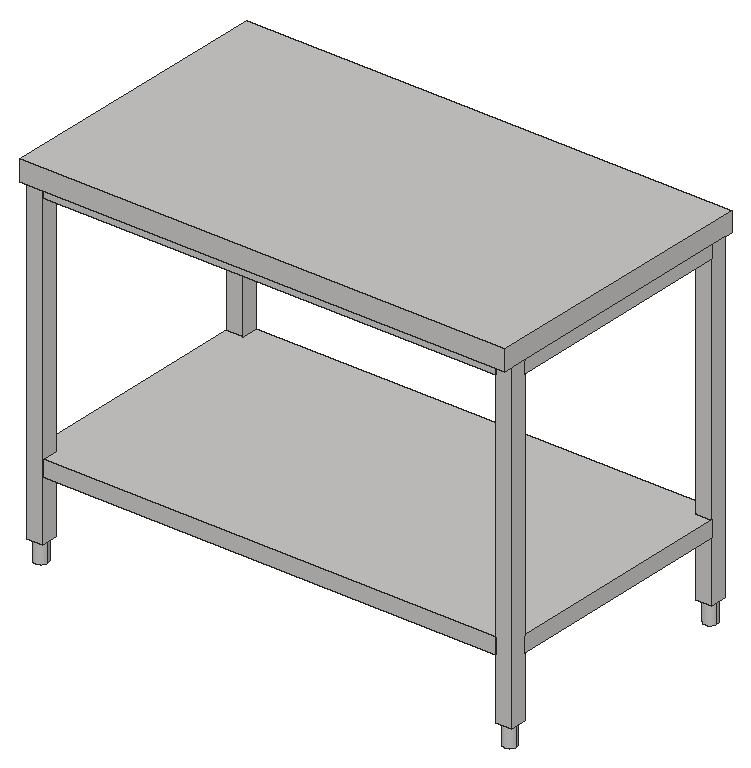
Revit family "QF_ELECTROLUXPROFESSIONAL_134084_LSGTG1200E", category Attrezzature speciali, Revit 2020
Family settings
  Quota connettore circolare = Usa diametro
  Tipo di parte = Normale
  Basato su piano di lavoro = No
  Sempre verticale = Sì
  Taglio con vuoti quando caricato = No
  Condiviso = No
  Punto di calcolo locali = No
Parameters (values of type "Standard")
  Weight = 41.00 kg
  Watts = 0 W
  Volts = 0 V
  URL Manufacturer = "https://www.electroluxprofessional.com/"
  URL = "https://www.electroluxprofessional.com/"
  Steam Supply Size = 0 mm
  Steam Supply Minimum Pressure = 0.0 Pa
  Steam Supply Maximum Pressure = 0.0 Pa
  Steam Consumption per Hour = 0
  Refrigeration Suction Line Size = 0.0 mm
  Refrigeration Liquid Line Size = 0.0 mm
  Refrigerant Compressor Remote = yes
  Prospetto di default = 0.0 mm
  Produttore = "Electrolux Professional"
  Phase = 0
  Modello = "LSGTG1200E"
  Length Actual = 1200.0 mm  # constant formula
  Item Number = "134084"
  Hot Water Size = 0 mm
  Height Actual = 900.0 mm  # constant formula
  HP = "0 HP"
  Gas Size = 0 mm
  Gas KW = 0
  Gas Input Pressure = 0 W
  Direct Waste Size = 0 mm
  Descrizione = "WORK TABLE 1200 MM WITH LOWER SHELF"
  Depth Actual = 700.0 mm  # constant formula
  Cycle = 0 Hz
  Condensate Return Size = 0 mm
  Compressed Air Volume = 0.0 L/s
  Compressed Air Size = 0 mm
  Compressed Air Pressure = 0.0 Pa
  Cold Water Size = 0 mm
  Accessory = yes
Reference planes
  plane 1 "Center (Front/Back)": y = 0
  plane 2: z = 0
  plane 3 "Center (Left/Right)": x = -100
  plane 4 "LEFT": x = -700
  plane 5 "RIGHT": x = 500
  plane 6 "BACK": y = 350
  plane 7 "FRONT": y = -350
  plane 8 "Base": z = 850
  plane 9 "TOP": z = 900
  plane 10: x = -680
  plane 11: x = 480
  plane 12: y = 310
  plane 13: y = -310
  plane 14 "TRAVERSI": z = 820
  plane 15: x = -660
  plane 16: x = 460
  plane 17: y = 290
  plane 18: y = -290
  plane 19: y = 330
  plane 20: y = -330
  plane 21 "Plane": z = 200
Forms (mm)
  Extrusion 1, solid, material "QF_Finishes_Stainless Steel"
    sketch origin (-100, 0, 0) x (0, 1, 0) y (0, 0, 1)
      loop
        line (-350, 850) -> (350, 850) -> (350, 900) -> (-350, 900) -> (-350, 850)
    from 600 to -600
  Extrusion 2, solid, material "QF_Finishes_Stainless Steel"
    sketch origin (0, 0, 820) x (0, 1, 0) y (-1, 0, 0)
      loop
        line (290, -460) -> (-290, -460) -> (-290, -500) -> (290, -500) -> (290, -460)
      loop
        line (290, 700) -> (-290, 700) -> (-290, 660) -> (290, 660) -> (290, 700)
    from 0 to 30
  Extrusion 3, solid, material "QF_Finishes_Stainless Steel"
    sketch origin (0, 0, 820) x (0, 1, 0) y (-1, 0, 0)
      loop
        line (330, -460) -> (330, 660) -> (290, 660) -> (290, -460) -> (330, -460)
      loop
        line (-290, 660) -> (-330, 660) -> (-330, -460) -> (-290, -460) -> (-290, 660)
    from 0 to 30
  Extrusion 4, solid, material "QF_Finishes_Stainless Steel"
    sketch origin (0, 0, 200) x (0, 1, 0) y (-1, 0, 0)
      loop
        line (290, 700) -> (-290, 700) -> (-290, 660) -> (-330, 660) -> (-330, -460) -> (-290, -460) -> (-290, -500) -> (290, -500) -> (290, -460) -> (330, -460) -> (330, 660) -> (290, 660) -> (290, 700)
    from 0 to 40
Lines and regions (mm)
  symbolic lines
    curve 1: line (500, 350, 900) -> (-700, 350, 900)
    curve 2: line (-700, 350, 900) -> (-700, -350, 900)
    curve 3: line (-700, -350, 900) -> (500, -350, 900)
    curve 4: line (500, -350, 900) -> (500, 350, 900)
Dimensions and locks
  plane 4 "LEFT" to plane 5 "RIGHT" = 1200.0 mm
  equal spacing: plane 4 "LEFT", plane 3 "Center (Left/Right)", plane 5 "RIGHT"
  locked: plane 8 "Base" to level at 850
  plane 4 "LEFT" to plane 10 = 20.0 mm
  plane 11 to plane 5 "RIGHT" = 20.0 mm
  plane 10 to plane 11 = 1160.0 mm
  locked: plane 9 "TOP" to level at 900
  plane 6 "BACK" to plane 12 = 40.0 mm
  plane 13 to plane 7 "FRONT" = 40.0 mm
  plane 6 "BACK" to plane 7 "FRONT" = 700.0 mm
  plane 12 to plane 13 = 620.0 mm
  equal spacing: plane 6 "BACK", plane 1 "Center (Front/Back)", plane 7 "FRONT"
  plane 8 "Base" to plane 14 "TRAVERSI" = 30.0 mm
  locked: plane 10 to plane 15 at 20
  locked: plane 16 to plane 11 at 20
  locked: plane 19 to plane 12 at 20
  locked: plane 12 to plane 17 at 20
  locked: plane 18 to plane 13 at 20
  locked: plane 13 to plane 20 at 20
  plane 21 "Plane" to level = 200.0 mm
  aligned and locked: level to plane 2
  aligned and locked: plane 10 to nested 1
  aligned and locked: nested 1 to plane 13
  aligned and locked: plane 11 to nested 2
  aligned and locked: nested 2 to plane 13
  aligned and locked: plane 11 to nested 4
  aligned and locked: nested 4 to plane 12
  aligned and locked: plane 10 to nested 3
  aligned and locked: nested 3 to plane 12
  aligned and locked: Extrusion 1 to plane 4 "LEFT"
  aligned and locked: plane 5 "RIGHT" to Extrusion 1
  aligned and locked: curve 2 to plane 4 "LEFT"
  aligned and locked: Extrusion 2 sketch curve to plane 5 "RIGHT"
  aligned and locked: Extrusion 2 sketch curve to plane 17  (x2)
  aligned and locked: plane 16 to Extrusion 2 sketch curve
  aligned and locked: plane 18 to Extrusion 2 sketch curve  (x2)
  aligned and locked: plane 4 "LEFT" to Extrusion 2 sketch curve
  aligned and locked: Extrusion 2 sketch curve to plane 15
  aligned and locked: plane 19 to Extrusion 3 sketch curve
  aligned and locked: Extrusion 3 sketch curve to plane 17
  aligned and locked: Extrusion 3 sketch curve to plane 18
  aligned and locked: plane 20 to Extrusion 3 sketch curve
  aligned and locked: Extrusion 3 sketch curve to plane 15
  aligned and locked: plane 15 to Extrusion 3 sketch curve
  aligned and locked: plane 16 to Extrusion 3 sketch curve
  aligned and locked: Extrusion 3 sketch curve to plane 16
  aligned and locked: Extrusion 4 sketch curve to plane 19
  aligned and locked: Extrusion 4 sketch curve to plane 5 "RIGHT"
  aligned and locked: Extrusion 4 sketch curve to plane 20
  aligned and locked: plane 4 "LEFT" to Extrusion 4 sketch curve
  aligned and locked: Extrusion 4 sketch curve to plane 17  (x2)
  aligned and locked: plane 15 to Extrusion 4 sketch curve
  aligned and locked: Extrusion 4 sketch curve to plane 16
  aligned and locked: Extrusion 4 sketch curve to plane 18  (x2)
  aligned and locked: plane 16 to Extrusion 4 sketch curve
  aligned and locked: Extrusion 4 sketch curve to plane 15
Automatic sketch dimensions
  Extrusion 1 sketch curve to plane 7 "FRONT" = 0.0 mm
  Extrusion 1 sketch curve to plane 8 "Base" = 0.0 mm
  curve 3 to plane 7 "FRONT" = 0.0 mm
  curve 4 to plane 6 "BACK" = 0.0 mm
  Extrusion 1 sketch curve to plane 9 "TOP" = 0.0 mm
  Extrusion 1 sketch curve to plane 6 "BACK" = 0.0 mm
  curve 4 to plane 5 "RIGHT" = 0.0 mm
Nested families
  nested 1: "FEET_40x40_P50" at (-680, -310, 0), type "FEET_40x40_P50"
  nested 2: "FEET_40x40_P50" at (480, -310, 0), type "FEET_40x40_P50"
  nested 3: "FEET_40x40_P50" at (-680, 310, 0), type "FEET_40x40_P50"
  nested 4: "FEET_40x40_P50" at (480, 310, 0), type "FEET_40x40_P50"
Definition of nested family "FEET_40x40_P50"
  Parameters
    Default Elevation = 0.0 mm
    FEET = 850.0 mm
  Reference planes
    plane 1 "Center (Front/Back)": y = 0
    plane 2: z = 0
    plane 3 "Center (Left/Right)": x = 0
    plane 4: z = 850
  Forms (mm)
    Extrusion 1, solid
      sketch origin (0, 0, 0) x (1, 0, 0) y (0, 1, 0)
        loop
          line (-20, -20) -> (20, -20) -> (20, 20) -> (-20, 20) -> (-20, -20)
      from 50 to 850
    Extrusion 2, solid
      sketch origin (0, 0, 0) x (1, 0, 0) y (0, 1, 0)
        loop
          circle (0, 0) r 16
      from 0 to 50
  Lines and regions (mm)
    symbolic lines
      curve 1: line (0, -1.503, 0) -> (0, 1.508, 0)
      curve 2: line (1.561, 0, 0) -> (-1.439, 0, 0)
  Dimensions and locks
    "FEET": plane 4 to plane 2
    aligned and locked: level to plane 2
  Automatic sketch dimensions
    Extrusion 1 sketch curve to plane 3 "Center (Left/Right)" = 20.0 mm
    plane 3 "Center (Left/Right)" to Extrusion 1 sketch curve = 20.0 mm
    plane 1 "Center (Front/Back)" to Extrusion 1 sketch curve = 20.0 mm
    Extrusion 1 sketch curve to plane 1 "Center (Front/Back)" = 20.0 mm
    plane 1 "Center (Front/Back)" to Extrusion 2 sketch curve = 0.0 mm
    Extrusion 2 sketch curve to plane 3 "Center (Left/Right)" = 0.0 mm
    plane 1 "Center (Front/Back)" to curve 2 = 0.0 mm
    curve 1 to plane 3 "Center (Left/Right)" = 0.0 mm
    curve 2 to plane 3 "Center (Left/Right)" = 1.439 mm
    plane 3 "Center (Left/Right)" to curve 2 = 1.561 mm
    plane 1 "Center (Front/Back)" to curve 1 = 1.503 mm
    curve 1 to plane 1 "Center (Front/Back)" = 1.508 mm
    radius of Extrusion 2 sketch curve = 16.0 mm
